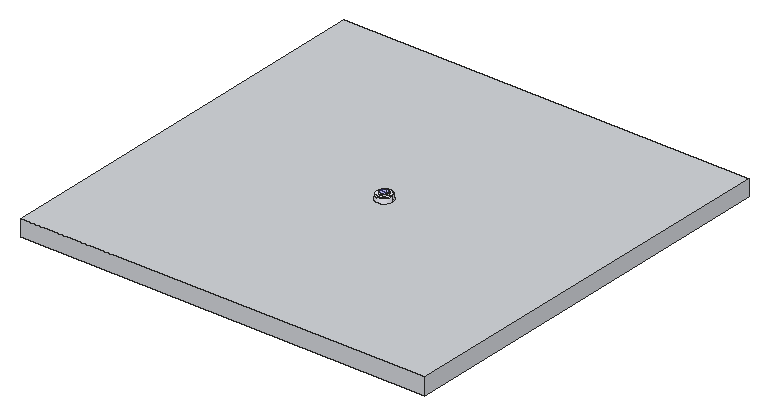
Revit family "BEG-92153", category Dispositifs d'éclairage, Revit 2015
Parameters
  Detection zone [instance] = yes
  Seat area [instance] = height position < 301 cm  # yes
  URL = "http://www.luxomat.com/en-92153"
  Type of output = "DIM (50 ballasts max)"
  Ambiant temperature = "-25°C to +50°C"
  Ref = "92153"
  Relay = "10A"
  height position [instance] = 250 cm
  direct Range [instance] = height position * 2.4  # 600 cm
  transversal Range [instance] = height position * 4  # 1000 cm
  Modèle = "PD2/M-DIM/SM"
  Installation type = "Ceiling"
  Brand = "LUXOMAT"
  Image du type = 92153.jpg
  IP = "20"
  Mounting height max = Installation height max  # 300 cm
  Installation height max = 300 cm
  Fabricant = "B.E.G"
  Label [instance] = yes
  Default Elevation = 0 cm
  Consumption = "0,44W"
  Commentaires du type = "Occupancy detector PD2/M-DIM/SM"
  Code d'assemblage = "D5010200"
  Class = "2"
  Switching power LED = "300W"
  Switching power Cos ɸ =1 = "2300W"
  Switching power Cos ɸ =0.5 = "1150VA"
  Power voltage = "110-240 V AC"
  seated activity [instance] = height position * 1.6  # 400 cm
Reference planes (cm)
  plane 1 "Centre (avant/arrière)": y = 0
  plane 2: z = 0
  plane 3 "Centre (gauche/droite)": x = 0
Forms (cm)
  Extrusion 1, solid
    sketch origin (0, 0, 0) x (1, 0, 0) y (0, 1, 0)
      loop
        line (-121.92, 121.92) -> (-121.92, -121.92) -> (121.92, -121.92) -> (121.92, 121.92) -> (-121.92, 121.92)
    from 0 to -10
Dimensions and locks (cm)
  aligned and locked: plane 2 to Extrusion 1
  aligned and locked: level to Extrusion 1
  aligned and locked: nested 2 to plane 2
Nested families (cm)
  nested 1: "Famille1" at (0, -72.6659, 0) x (-1, 0, 0) z (0, 0, 1), reference <- "Ref", modele <- "Modèle", visible <- "Label", type "Famille1"
    with reference "92153", modele "PD2/M-DIM/SM"
  nested 2: "M8" at (0, 0, 0), type "Standard"
  nested 3: "zone G" at (0, 0, 0) x (-1, 0, 0) z (0, 0, 1), visible <- "Detection zone", activité assise <- "seated activity", biais <- "transversal Range", frontal <- "direct Range", Zone assise <- "Seat area", type "zone G"
    with position 2 240 cm, position 1 400 cm, frontal 600 cm, biais 1000 cm, activité assise 400 cm, Zone assise yes
  nested 4: "Plafond 360° 2D" at (0, 0, 0), type "Plafond 360° 2D"
Connectors (cm)
  electrical at (0, 0, 0)
    settings: on nested 2, index 1, voltage 240 V, apparent load 0 VA, apparent load phase1 0 VA, apparent load phase2 0 VA, apparent load phase3 0 VA, power factor 1, load classification "Eclairage", number of poles 1, system type 31, power factor state 1, is connector primary yes, connector utility no, sub classification motor no, connector description ""
Definition of nested family "M8"
  Reference planes (cm)
    plane 1 "Centre (avant/arrière)": y = 0
    plane 2: z = 0
    plane 3 "Centre (gauche/droite)": x = 0
    plane 4: y = 0
  Forms (cm)
    Revolve 1, solid
      sketch origin (0, 0, 0) x (-1, 0, 0) y (0, 0, 1)
        loop
          line (0, 0) -> (0, 3.6) -> (-2.45, 3.6) -> (-2.6598, 3.35) -> (-2.6598, 3.1) -> (-4.3661, 2.8) -> (-4.69, 2.4) -> (-4.9, 0) -> (0, 0)
        axis (0, 0) -> (0, 3.6)
      angle from 0 to 360
    Revolve 2, solid
      sketch origin (0, 0, 0) x (-1, 0, 0) y (0, 0, 1)
        loop
          line (0, 3.6) -> (0, 5)
          arc (0, 5) -> (-1.3892, 4.6244) -> (-2.4, 3.6) r 2.7571
          line (-2.4, 3.6) -> (0, 3.6)
        axis (0, 3.6) -> (0, 5)
      angle from 0 to 360
  Lines and regions (cm)
    reference lines
      curve 1: line (0, 0, 0) -> (0, 0, 5)
      curve 2: line (2.45, 0, 3.6) -> (0, 0, 3.6)
      curve 3: line (2.6598, 0, 3.35) -> (2.45, 0, 3.6)
      curve 4: line (2.6598, 0, 3.35) -> (2.6598, 0, 3.1)
      curve 5: line (4.3661, 0, 2.8) -> (2.6598, 0, 3.1)
      curve 6: line (4.69, 0, 2.4) -> (4.3661, 0, 2.8)
      curve 7: line (4.9, 0, 0) -> (4.69, 0, 2.4)
      curve 8: line (0, 0, 0) -> (4.9, 0, 0)
      curve 9: line (0, 0, 5) -> (0, 0, 3.6)
      curve 10: arc (0, 0, 5) -> (1.3892, 0, 4.6244) -> (2.4, 0, 3.6) r 2.7571
      curve 11: line (0, 0, 3.6) -> (2.4, 0, 3.6)
      curve 12: line (0, 0, 0) -> (0, 0, 5)
  Dimensions and locks (cm)
    aligned and locked: level to plane 2
    aligned and locked: Revolve 1 sketch curve to curve 1  (x2)
    aligned and locked: Revolve 1 sketch curve to curve 2
    aligned and locked: Revolve 1 sketch curve to curve 3
    aligned and locked: Revolve 1 sketch curve to curve 4
    aligned and locked: Revolve 1 sketch curve to curve 5
    aligned and locked: Revolve 1 sketch curve to curve 6
    aligned and locked: Revolve 1 sketch curve to curve 7
    aligned and locked: Revolve 1 sketch curve to curve 8
    aligned and locked: Revolve 2 sketch curve to curve 9
    aligned and locked: Revolve 2 sketch curve to curve 10
    aligned and locked: Revolve 2 sketch curve to curve 11
    aligned and locked: Revolve 2 sketch curve to curve 12
Definition of nested family "Famille1"
  Parameters (values of type "Famille1")
    reference [instance] = ""
    modele [instance] = ""
  Reference planes (cm)
    plane 1: y = 0
    plane 2: x = 0
  Text (cm)
    label "reference\n\nmodele" at (0.0074, 0.0451, 0), shows "reference", "modele"
Definition of nested family "zone G"
  Parameters (values of type "zone G")
    position 2 [instance] = (frontal / 2) * 0.8  # 240 cm
    position 1 [instance] = (biais / 2) * 0.8  # 400 cm
    frontal [instance] = 600 cm
    biais [instance] = 1000 cm
    activité assise [instance] = 400 cm
    Zone assise [instance] = yes
  Reference planes (cm)
    plane 1 "Centre (avant/arrière)": y = 0
    plane 2: z = 0
    plane 3 "Centre (gauche/droite)": x = 0
    plane 4: x = -400
    plane 5: y = -240
  Lines and regions (cm)
    detail lines, in view "Niveau de réf.", visible <- "Zone assise"
      curve 1: circle (0, 0, 0) r 200 normal (0, 0, 1)
      curve 4: spline (-105.2767, 3.2118, 0) -> (-104.9106, 3.0586, 0) -> (-103.8375, 2.9158, 0) -> (-102.1303, 2.7932, 0) -> (-99.9055, 2.6991, 0) -> (-97.3146, 2.6399, 0) -> (-94.5343, 2.6198, 0) -> (-91.7539, 2.6399, 0) -> (-89.163, 2.6991, 0) -> (-86.9382, 2.7932, 0) -> (-85.231, 2.9158, 0) -> (-84.1579, 3.0586, 0) -> (-83.7918, 3.2118, 0) -> (-84.1579, 3.365, 0) -> (-85.231, 3.5078, 0) -> (-86.9382, 3.6305, 0) -> (-89.163, 3.7245, 0) -> (-91.7539, 3.7837, 0) -> (-94.5343, 3.8039, 0) -> (-97.3146, 3.7837, 0) -> (-99.9055, 3.7245, 0) -> (-102.1303, 3.6305, 0) -> (-103.8375, 3.5078, 0) -> (-104.9106, 3.365, 0) -> (-105.2767, 3.2118, 0)
      curve 5: line (-105.2767, 3.2118, 0) -> (-103.7271, 3.5181, 0)
      curve 6: arc (-102.6495, -16.5888, 0) -> (-107.2915, -17.186, 0) -> (-111.6311, -18.9388, 0) r 18.3388
      curve 7: arc (-111.6311, -18.9388, 0) -> (-111.6982, -19.0046, 0) -> (-111.7229, -19.0953, 0) r 0.1799
      curve 8: arc (-102.4571, -17.1805, 0) -> (-106.7473, -17.5804, 0) -> (-110.8538, -18.8852, 0) r 20.1051
      curve 9: arc (-110.8538, -18.8852, 0) -> (-111.0396, -18.979, 0) -> (-111.2122, -19.0953, 0) r 1.6679
      curve 10: circle (-111.4676, -19.8292, 0) r 0.5096 normal (0, 0, 1)
      curve 11: arc (-110.898, -19.8292, 0) -> (-111.4676, -19.2597, 0) -> (-112.0372, -19.8292, 0) r 0.5696
      curve 12: arc (-110.838, -19.8292, 0) -> (-111.4676, -19.1997, 0) -> (-112.0972, -19.8292, 0) r 0.6296
      curve 13: arc (-86.4191, -16.5888, 0) -> (-81.7771, -17.186, 0) -> (-77.4374, -18.9388, 0) r 18.3388
      curve 14: arc (-77.4374, -18.9388, 0) -> (-77.3704, -19.0046, 0) -> (-77.3456, -19.0953, 0) r 0.1799
      curve 15: arc (-86.6114, -17.1805, 0) -> (-82.3212, -17.5804, 0) -> (-78.2147, -18.8852, 0) r 20.1051
      curve 16: arc (-78.2147, -18.8852, 0) -> (-78.0289, -18.979, 0) -> (-77.8563, -19.0953, 0) r 1.6679
      curve 17: circle (-77.6009, -19.8292, 0) r 0.5096 normal (0, 0, 1)
      curve 18: arc (-77.0314, -19.8292, 0) -> (-77.6009, -19.2597, 0) -> (-78.1705, -19.8292, 0) r 0.5696
      curve 19: arc (-76.9714, -19.8292, 0) -> (-77.6009, -19.1997, 0) -> (-78.2305, -19.8292, 0) r 0.6296
      curve 20: arc (-95.2593, -16.5888, 0) -> (-98.9871, -17.441, 0) -> (-102.5056, -18.9388, 0) r 21.5424
      curve 21: arc (-102.5056, -18.9388, 0) -> (-102.5726, -19.0046, 0) -> (-102.5974, -19.0953, 0) r 0.1799
      curve 22: arc (-95.2593, -17.1805, 0) -> (-98.5536, -17.8061, 0) -> (-101.7283, -18.8852, 0) r 23.9713
      curve 23: arc (-101.7283, -18.8852, 0) -> (-101.911, -18.9772, 0) -> (-102.081, -19.0909, 0) r 1.6679
      curve 24: arc (-95.0229, -17.1805, 0) -> (-98.2689, -17.8294, 0) -> (-101.4063, -18.8852, 0) r 26.0219
      curve 25: arc (-101.4063, -18.8852, 0) -> (-101.592, -18.979, 0) -> (-101.7647, -19.0953, 0) r 1.6679
      curve 26: circle (-102.181, -19.8292, 0) r 0.5096 normal (0, 0, 1)
      curve 27: arc (-101.6114, -19.8292, 0) -> (-102.181, -19.2597, 0) -> (-102.7506, -19.8292, 0) r 0.5696
      curve 28: arc (-101.5514, -19.8292, 0) -> (-102.181, -19.1997, 0) -> (-102.8106, -19.8292, 0) r 0.6296
      curve 29: arc (-93.8092, -16.5888, 0) -> (-90.0814, -17.441, 0) -> (-86.5629, -18.9388, 0) r 21.5424
      curve 30: arc (-86.5629, -18.9388, 0) -> (-86.4959, -19.0046, 0) -> (-86.4711, -19.0953, 0) r 0.1799
      curve 31: arc (-93.8092, -17.1805, 0) -> (-90.5149, -17.8061, 0) -> (-87.3402, -18.8852, 0) r 23.9713
      curve 32: arc (-87.3402, -18.8852, 0) -> (-87.1544, -18.979, 0) -> (-86.9818, -19.0953, 0) r 1.6679
      curve 33: arc (-94.0457, -17.1805, 0) -> (-90.7996, -17.8294, 0) -> (-87.6622, -18.8852, 0) r 26.0219
      curve 34: arc (-87.6622, -18.8852, 0) -> (-87.4765, -18.979, 0) -> (-87.3039, -19.0953, 0) r 1.6679
      curve 35: circle (-86.8875, -19.8292, 0) r 0.5096 normal (0, 0, 1)
      curve 36: arc (-86.3179, -19.8292, 0) -> (-86.8875, -19.2597, 0) -> (-87.4571, -19.8292, 0) r 0.5696
      curve 37: arc (-86.2579, -19.8292, 0) -> (-86.8875, -19.1997, 0) -> (-87.5171, -19.8292, 0) r 0.6296
      curve 38: arc (-103.0079, 8.8705, 0) -> (-101.8776, 5.8173, 0) -> (-98.8653, 4.5819, 0) r 4.0512
      curve 39: arc (-83.7186, 4.2269, 0) -> (-82.9538, 3.7817, 0) -> (-82.7946, 2.9112, 0) r 1.0582
      curve 40: arc (-82.7946, 2.9112, 0) -> (-84.0889, -6.227, 0) -> (-84.0703, -15.4564, 0) r 64.7189
      curve 41: arc (-84.0703, -15.4564, 0) -> (-83.933, -16.0031, 0) -> (-83.4527, -16.2981, 0) r 0.7467
      curve 42: arc (-83.4527, -16.2981, 0) -> (-80.3714, -16.8717, 0) -> (-77.238, -16.9405, 0) r 19.3577
      curve 43: arc (-77.238, -16.9405, 0) -> (-77.6363, -16.4391, 0) -> (-78.2461, -16.244, 0) r 1.1013
      curve 44: arc (-78.2461, -16.244, 0) -> (-80.4274, -15.8096, 0) -> (-82.5587, -15.1742, 0) r 23.8747
      curve 45: arc (-82.5587, -15.1742, 0) -> (-81.6045, -6.5488, 0) -> (-80.848, 2.0961, 0) r 379.1961
      curve 46: arc (-80.848, 2.0961, 0) -> (-81.0708, 4.8418, 0) -> (-83.0581, 6.7494, 0) r 3.8846
      curve 47: arc (-83.0581, 6.7494, 0) -> (-89.2141, 8.8147, 0) -> (-95.6542, 9.6431, 0) r 33.2193
      curve 48: arc (-95.6542, 9.6431, 0) -> (-94.8516, 17.305, 0) -> (-94.8609, 25.0089, 0) r 72.9952
      curve 49: arc (-95.1116, 28.28, 0) -> (-95.2196, 29.2958, 0) -> (-95.3418, 30.31, 0) r 72.9952
      curve 50: arc (-98.1747, 30.0752, 0) -> (-100.3426, 29.2913, 0) -> (-99.4886, 27.1501, 0) r 1.6042
      curve 51: arc (-95.3418, 30.31, 0) -> (-98.7298, 32.2574, 0) -> (-102.1179, 30.31, 0) r 3.9209
      curve 52: arc (-68.8418, 20.3177, 0) -> (-68.8537, 20.2265, 0) -> (-68.9411, 20.2549, 0) r 0.0597
      curve 53: arc (-70.9776, 20.5408, 0) -> (-70.9496, 20.3832, 0) -> (-71.1082, 20.3621, 0) r 0.1108
      curve 54: spline (-98.8908, 41.6409, 0) -> (-97.9793, 41.5103, 0) -> (-97.1229, 41.0855, 0) -> (-96.38, 40.3954, 0) -> (-95.8012, 39.4871, 0) -> (-95.426, 38.4224, 0) -> (-95.2799, 37.274, 0) -> (-95.3728, 36.12, 0) -> (-95.6985, 35.0392, 0) -> (-96.2348, 34.1051, 0) -> (-96.945, 33.3815, 0) -> (-97.7809, 32.9176, 0) -> (-98.6854, 32.7451, 0) -> (-99.5969, 32.8757, 0) -> (-100.4532, 33.3005, 0) -> (-101.1961, 33.9906, 0) -> (-101.7749, 34.8989, 0) -> (-102.1502, 35.9636, 0) -> (-102.2963, 37.112, 0) -> (-102.2033, 38.266, 0) -> (-101.8776, 39.3468, 0) -> (-101.3414, 40.2809, 0) -> (-100.6311, 41.0045, 0) -> (-99.7953, 41.4684, 0) -> (-98.8908, 41.6409, 0)
      curve 55: line (-74.1608, -20.3388, 0) -> (-33.3759, -20.3388, 0)
      curve 56: line (-33.3759, -20.3388, 0) -> (-33.3759, 18.6681, 0)
      curve 57: line (-33.3759, 18.6681, 0) -> (-74.1608, 18.6681, 0)
      curve 58: line (-74.1608, 18.6681, 0) -> (-74.1608, -20.3388, 0)
      curve 59: line (-74.1608, -20.3388, 0) -> (-120.7181, -20.3388, 0)
      curve 60: line (-80.1025, 18.6681, 0) -> (-27.4342, 18.6681, 0)
      curve 61: line (-27.4342, 18.6681, 0) -> (-27.4342, 20.1345, 0)
      curve 62: line (-27.4342, 20.1345, 0) -> (-80.1025, 20.1345, 0)
      curve 63: line (-80.1025, 20.1345, 0) -> (-80.1025, 18.6681, 0)
      curve 64: line (-95.5223, 2.6198, 0) -> (-93.5462, 2.6198, 0)
      curve 65: line (-93.5462, 2.6198, 0) -> (-93.5462, -16.5888, 0)
      curve 66: line (-93.5462, -16.5888, 0) -> (-95.5223, -16.5888, 0)
      curve 67: line (-95.5223, -16.5888, 0) -> (-95.5223, 2.6198, 0)
      curve 68: line (-95.5223, -16.5888, 0) -> (-102.6495, -16.5888, 0)
      curve 69: line (-111.7229, -19.0953, 0) -> (-111.2122, -19.0953, 0)
      curve 70: line (-93.8092, -16.5888, 0) -> (-94.0457, -17.1805, 0)
      curve 71: line (-94.0457, -17.1805, 0) -> (-93.8092, -17.1805, 0)
      curve 72: line (-93.8092, -17.1805, 0) -> (-94.5343, -17.1805, 0)
      curve 73: line (-94.5343, -17.1805, 0) -> (-95.2593, -17.1805, 0)
      curve 74: line (-95.2593, -17.1805, 0) -> (-95.0229, -17.1805, 0)
      curve 75: line (-95.0229, -17.1805, 0) -> (-95.2593, -16.5888, 0)
      curve 76: line (-98.1226, -17.1805, 0) -> (-102.4571, -17.1805, 0)
      curve 77: line (-112.0372, -19.8292, 0) -> (-112.0972, -19.8292, 0)
      curve 78: line (-110.898, -19.8292, 0) -> (-110.838, -19.8292, 0)
      curve 79: line (-111.3676, -19.2076, 0) -> (-111.3676, -19.0953, 0)
      curve 80: line (-111.5676, -19.2076, 0) -> (-111.5676, -19.0953, 0)
      curve 81: line (-93.5462, -16.5888, 0) -> (-86.4191, -16.5888, 0)
      curve 82: line (-77.3456, -19.0953, 0) -> (-77.8563, -19.0953, 0)
      curve 83: line (-90.9459, -17.1805, 0) -> (-86.6114, -17.1805, 0)
      curve 84: line (-77.0314, -19.8292, 0) -> (-76.9714, -19.8292, 0)
      curve 85: line (-78.1705, -19.8292, 0) -> (-78.2305, -19.8292, 0)
      curve 86: line (-77.7009, -19.2076, 0) -> (-77.7009, -19.0953, 0)
      curve 87: line (-77.5009, -19.2076, 0) -> (-77.5009, -19.0953, 0)
      curve 88: line (-102.5974, -19.0953, 0) -> (-101.7647, -19.0953, 0)
      curve 89: line (-102.7506, -19.8292, 0) -> (-102.8106, -19.8292, 0)
      curve 90: line (-101.6114, -19.8292, 0) -> (-101.5514, -19.8292, 0)
      curve 91: line (-102.081, -19.2076, 0) -> (-102.081, -19.0909, 0)
      curve 92: line (-102.281, -19.2076, 0) -> (-102.281, -19.0953, 0)
      curve 93: line (-86.4711, -19.0953, 0) -> (-87.3039, -19.0953, 0)
      curve 94: line (-86.3179, -19.8292, 0) -> (-86.2579, -19.8292, 0)
      curve 95: line (-87.4571, -19.8292, 0) -> (-87.5171, -19.8292, 0)
      curve 96: line (-86.9875, -19.2076, 0) -> (-86.9875, -19.0953, 0)
      curve 97: line (-86.7875, -19.2076, 0) -> (-86.7875, -19.0953, 0)
      curve 98: line (-98.8653, 4.5819, 0) -> (-83.7186, 4.2269, 0)
      curve 99: line (-103.0079, 8.8705, 0) -> (-102.1179, 30.31, 0)
      curve 100: line (-98.1747, 30.0752, 0) -> (-85.3255, 22.5448, 0)
      curve 101: line (-85.3255, 22.5448, 0) -> (-74.2929, 21.667, 0)
      curve 102: line (-74.2929, 21.667, 0) -> (-71.6033, 21.7219, 0)
      curve 103: line (-71.6033, 21.7219, 0) -> (-69.7371, 21.2829, 0)
      curve 104: line (-69.7371, 21.2829, 0) -> (-68.8418, 20.3177, 0)
      curve 105: line (-68.9411, 20.2549, 0) -> (-69.7808, 21.0896, 0)
      curve 106: line (-69.7808, 21.0896, 0) -> (-71.6115, 21.2989, 0)
      curve 107: line (-71.6115, 21.2989, 0) -> (-72.0159, 21.0248, 0)
      curve 108: line (-72.0159, 21.0248, 0) -> (-70.9776, 20.5408, 0)
      curve 109: line (-71.1082, 20.3621, 0) -> (-72.6656, 20.8949, 0)
      curve 110: line (-72.6656, 20.8949, 0) -> (-74.496, 20.6558, 0)
      curve 111: line (-74.496, 20.6558, 0) -> (-86.0144, 20.9158, 0)
      curve 112: line (-86.0144, 20.9158, 0) -> (-99.4886, 27.1501, 0)
      curve 113: line (-99.8644, 32.9741, 0) -> (-99.9944, 32.0479, 0)
      curve 114: line (-97.5142, 33.0301, 0) -> (-97.3718, 32.0147, 0)
      curve 115: line (-33.3759, -20.3388, 0) -> (-21.8014, -20.3388, 0)
    detail lines, in view "Niveau de réf."
      curve 2: circle (0, 0, 0) r 300 normal (0, 0, 1)
      curve 3: circle (0, 0, 0) r 500 normal (0, 0, 1)
      curve 116: spline (2.3068, -267.7265, 0) -> (4.0856, -267.3949, 0) -> (5.7432, -266.4226, 0) -> (7.1667, -264.876, 0) -> (8.2589, -262.8603, 0) -> (8.9455, -260.5131, 0) -> (9.1797, -257.9942, 0) -> (8.9455, -255.4753, 0) -> (8.2589, -253.1281, 0) -> (7.1667, -251.1125, 0) -> (5.7432, -249.5658, 0) -> (4.0856, -248.5936, 0) -> (2.3068, -248.262, 0) -> (0.5279, -248.5936, 0) -> (-1.1297, -249.5658, 0) -> (-2.5531, -251.1125, 0) -> (-3.6453, -253.1281, 0) -> (-4.3319, -255.4753, 0) -> (-4.5661, -257.9942, 0) -> (-4.3319, -260.5131, 0) -> (-3.6453, -262.8603, 0) -> (-2.5531, -264.876, 0) -> (-1.1297, -266.4226, 0) -> (0.5279, -267.3949, 0) -> (2.3068, -267.7265, 0)
      curve 117: line (-4.7649, -255.0929, 0) -> (0.5136, -267.9212, 0)
      curve 118: line (3.5648, -268.0775, 0) -> (9.2455, -254.5266, 0)
      curve 119: line (-0.3759, -248.4588, 0) -> (-3.0011, -250.8806, 0)
      curve 120: line (3.5053, -268.5045, 0) -> (6.62, -268.3756, 0)
      curve 121: line (1.7304, -268.3525, 0) -> (3.5053, -268.5045, 0)
      curve 122: line (-4.7649, -255.0929, 0) -> (0.5136, -267.9212, 0)
      curve 123: line (-21.1936, -255.3894, 0) -> (-24.4202, -257.3623, 0)
      curve 124: line (-21.1936, -255.3894, 0) -> (-24.4202, -257.3623, 0)
      curve 125: line (-0.3759, -248.4588, 0) -> (-3.0011, -250.8806, 0)
      curve 126: line (1.7304, -268.3525, 0) -> (6.62, -268.3756, 0)
      curve 127: line (3.5648, -268.0775, 0) -> (9.2455, -254.5266, 0)
      curve 128: line (0, -240, 0) -> (0, -209.0788, 0)
      curve 129: line (0, -209.0788, 0) -> (0, -200.7814, 0)
      curve 130: spline (-397.6932, -27.7265, 0) -> (-395.9144, -27.3949, 0) -> (-394.2568, -26.4226, 0) -> (-392.8333, -24.876, 0) -> (-391.7411, -22.8603, 0) -> (-391.0545, -20.5131, 0) -> (-390.8203, -17.9942, 0) -> (-391.0545, -15.4753, 0) -> (-391.7411, -13.1281, 0) -> (-392.8333, -11.1125, 0) -> (-394.2568, -9.5658, 0) -> (-395.9144, -8.5936, 0) -> (-397.6932, -8.262, 0) -> (-399.4721, -8.5936, 0) -> (-401.1297, -9.5658, 0) -> (-402.5531, -11.1125, 0) -> (-403.6453, -13.1281, 0) -> (-404.3319, -15.4753, 0) -> (-404.5661, -17.9942, 0) -> (-404.3319, -20.5131, 0) -> (-403.6453, -22.8603, 0) -> (-402.5531, -24.876, 0) -> (-401.1297, -26.4226, 0) -> (-399.4721, -27.3949, 0) -> (-397.6932, -27.7265, 0)
      curve 131: line (-404.7649, -15.0929, 0) -> (-399.4864, -27.9212, 0)
      curve 132: line (-396.4352, -28.0775, 0) -> (-390.7545, -14.5266, 0)
      curve 133: line (-400.3759, -8.4588, 0) -> (-403.0011, -10.8806, 0)
      curve 134: line (-396.4947, -28.5045, 0) -> (-393.38, -28.3756, 0)
      curve 135: line (-398.2696, -28.3525, 0) -> (-396.4947, -28.5045, 0)
      curve 136: line (-404.7649, -15.0929, 0) -> (-399.4864, -27.9212, 0)
      curve 137: line (-421.1936, -15.3894, 0) -> (-424.4202, -17.3623, 0)
      curve 138: line (-421.1936, -15.3894, 0) -> (-424.4202, -17.3623, 0)
      curve 139: line (-400.3759, -8.4588, 0) -> (-403.0011, -10.8806, 0)
      curve 140: line (-398.2696, -28.3525, 0) -> (-393.38, -28.3756, 0)
      curve 141: line (-396.4352, -28.0775, 0) -> (-390.7545, -14.5266, 0)
      curve 142: line (-400, 0, 0) -> (-400, 30.9212, 0)
      curve 143: line (-400, 30.9212, 0) -> (-400, 39.2186, 0)
    detail lines, in view "Niveau de réf.", visible <- "Zone assise", not visible
      curve 144: spline (925.976, -22.5654, 0) -> (926.342, -22.7186, 0) -> (927.4152, -22.8614, 0) -> (929.1224, -22.984, 0) -> (931.3472, -23.0781, 0) -> (933.938, -23.1373, 0) -> (936.7184, -23.1574, 0) -> (939.4987, -23.1373, 0) -> (942.0896, -23.0781, 0) -> (944.3144, -22.984, 0) -> (946.0216, -22.8614, 0) -> (947.0948, -22.7186, 0) -> (947.4608, -22.5654, 0) -> (947.0948, -22.4122, 0) -> (946.0216, -22.2694, 0) -> (944.3144, -22.1467, 0) -> (942.0896, -22.0527, 0) -> (939.4987, -21.9935, 0) -> (936.7184, -21.9733, 0) -> (933.938, -21.9935, 0) -> (931.3472, -22.0527, 0) -> (929.1224, -22.1467, 0) -> (927.4152, -22.2694, 0) -> (926.342, -22.4122, 0) -> (925.976, -22.5654, 0)
      curve 145: line (925.976, -22.5654, 0) -> (927.5256, -22.2591, 0)
      curve 146: arc (928.6032, -42.366, 0) -> (923.9612, -42.9632, 0) -> (919.6215, -44.716, 0) r 18.3388
      curve 147: arc (919.6215, -44.716, 0) -> (919.5545, -44.7818, 0) -> (919.5297, -44.8725, 0) r 0.1799
      curve 148: arc (928.7956, -42.9577, 0) -> (924.5053, -43.3576, 0) -> (920.3988, -44.6624, 0) r 20.1051
      curve 149: arc (920.3988, -44.6624, 0) -> (920.213, -44.7562, 0) -> (920.0404, -44.8725, 0) r 1.6679
      curve 150: circle (919.7851, -45.6065, 0) r 0.5096 normal (0, 0, 1)
      curve 151: arc (920.3547, -45.6065, 0) -> (919.7851, -45.0369, 0) -> (919.2155, -45.6065, 0) r 0.5696
      curve 152: arc (920.4147, -45.6065, 0) -> (919.7851, -44.9769, 0) -> (919.1555, -45.6065, 0) r 0.6296
      curve 153: arc (944.8336, -42.366, 0) -> (949.4756, -42.9632, 0) -> (953.8152, -44.716, 0) r 18.3388
      curve 154: arc (953.8152, -44.716, 0) -> (953.8823, -44.7818, 0) -> (953.907, -44.8725, 0) r 0.1799
      curve 155: arc (944.6412, -42.9577, 0) -> (948.9315, -43.3576, 0) -> (953.038, -44.6624, 0) r 20.1051
      curve 156: arc (953.038, -44.6624, 0) -> (953.2237, -44.7562, 0) -> (953.3964, -44.8725, 0) r 1.6679
      curve 157: circle (953.6517, -45.6065, 0) r 0.5096 normal (0, 0, 1)
      curve 158: arc (954.2213, -45.6065, 0) -> (953.6517, -45.0369, 0) -> (953.0821, -45.6065, 0) r 0.5696
      curve 159: arc (954.2813, -45.6065, 0) -> (953.6517, -44.9769, 0) -> (953.0221, -45.6065, 0) r 0.6296
      curve 160: arc (935.9933, -42.366, 0) -> (932.2655, -43.2182, 0) -> (928.7471, -44.716, 0) r 21.5424
      curve 161: arc (928.7471, -44.716, 0) -> (928.68, -44.7818, 0) -> (928.6553, -44.8725, 0) r 0.1799
      curve 162: arc (935.9933, -42.9577, 0) -> (932.6991, -43.5833, 0) -> (929.5243, -44.6624, 0) r 23.9713
      curve 163: arc (929.5243, -44.6624, 0) -> (929.3417, -44.7544, 0) -> (929.1716, -44.8681, 0) r 1.6679
      curve 164: arc (936.2298, -42.9577, 0) -> (932.9838, -43.6066, 0) -> (929.8464, -44.6624, 0) r 26.0219
      curve 165: arc (929.8464, -44.6624, 0) -> (929.6606, -44.7562, 0) -> (929.488, -44.8725, 0) r 1.6679
      curve 166: circle (929.0716, -45.6065, 0) r 0.5096 normal (0, 0, 1)
      curve 167: arc (929.6412, -45.6065, 0) -> (929.0716, -45.0369, 0) -> (928.502, -45.6065, 0) r 0.5696
      curve 168: arc (929.7012, -45.6065, 0) -> (929.0716, -44.9769, 0) -> (928.442, -45.6065, 0) r 0.6296
      curve 169: arc (937.4435, -42.366, 0) -> (941.1713, -43.2182, 0) -> (944.6897, -44.716, 0) r 21.5424
      curve 170: arc (944.6897, -44.716, 0) -> (944.7568, -44.7818, 0) -> (944.7815, -44.8725, 0) r 0.1799
      curve 171: arc (937.4435, -42.9577, 0) -> (940.7377, -43.5833, 0) -> (943.9124, -44.6624, 0) r 23.9713
      curve 172: arc (943.9124, -44.6624, 0) -> (944.0982, -44.7562, 0) -> (944.2708, -44.8725, 0) r 1.6679
      curve 173: arc (937.207, -42.9577, 0) -> (940.453, -43.6066, 0) -> (943.5904, -44.6624, 0) r 26.0219
      curve 174: arc (943.5904, -44.6624, 0) -> (943.7762, -44.7562, 0) -> (943.9488, -44.8725, 0) r 1.6679
      curve 175: circle (944.3651, -45.6065, 0) r 0.5096 normal (0, 0, 1)
      curve 176: arc (944.9347, -45.6065, 0) -> (944.3651, -45.0369, 0) -> (943.7956, -45.6065, 0) r 0.5696
      curve 177: arc (944.9947, -45.6065, 0) -> (944.3651, -44.9769, 0) -> (943.7356, -45.6065, 0) r 0.6296
      curve 178: arc (928.2447, -16.9067, 0) -> (929.3751, -19.9599, 0) -> (932.3873, -21.1953, 0) r 4.0512
      curve 179: arc (947.5341, -21.5503, 0) -> (948.2989, -21.9955, 0) -> (948.4581, -22.866, 0) r 1.0582
      curve 180: arc (948.4581, -22.866, 0) -> (947.1637, -32.0042, 0) -> (947.1824, -41.2336, 0) r 64.7189
      curve 181: arc (947.1824, -41.2336, 0) -> (947.3196, -41.7803, 0) -> (947.8, -42.0753, 0) r 0.7467
      curve 182: arc (947.8, -42.0753, 0) -> (950.8812, -42.6489, 0) -> (954.0146, -42.7177, 0) r 19.3577
      curve 183: arc (954.0146, -42.7177, 0) -> (953.6164, -42.2163, 0) -> (953.0065, -42.0212, 0) r 1.1013
      curve 184: arc (953.0065, -42.0212, 0) -> (950.8253, -41.5868, 0) -> (948.6939, -40.9514, 0) r 23.8747
      curve 185: arc (948.6939, -40.9514, 0) -> (949.6481, -32.326, 0) -> (950.4047, -23.6811, 0) r 379.1961
      curve 186: arc (950.4047, -23.6811, 0) -> (950.1819, -20.9354, 0) -> (948.1945, -19.0278, 0) r 3.8846
      curve 187: arc (948.1945, -19.0278, 0) -> (942.0386, -16.9625, 0) -> (935.5985, -16.1341, 0) r 33.2193
      curve 188: arc (935.5985, -16.1341, 0) -> (936.4011, -8.4722, 0) -> (936.3918, -0.7683, 0) r 72.9952
      curve 189: arc (936.1411, 2.5028, 0) -> (936.0331, 3.5186, 0) -> (935.9108, 4.5328, 0) r 72.9952
      curve 190: arc (933.0779, 4.298, 0) -> (930.9101, 3.5141, 0) -> (931.7641, 1.3729, 0) r 1.6042
      curve 191: arc (935.9108, 4.5328, 0) -> (932.5228, 6.4802, 0) -> (929.1348, 4.5328, 0) r 3.9209
      curve 192: arc (962.4108, -5.4595, 0) -> (962.3989, -5.5507, 0) -> (962.3115, -5.5223, 0) r 0.0597
      curve 193: arc (960.275, -5.2364, 0) -> (960.303, -5.394, 0) -> (960.1444, -5.4151, 0) r 0.1108
      curve 194: spline (932.3619, 15.8637, 0) -> (933.2734, 15.7331, 0) -> (934.1297, 15.3083, 0) -> (934.8726, 14.6182, 0) -> (935.4514, 13.7099, 0) -> (935.8267, 12.6452, 0) -> (935.9728, 11.4968, 0) -> (935.8798, 10.3428, 0) -> (935.5541, 9.262, 0) -> (935.0179, 8.3279, 0) -> (934.3076, 7.6043, 0) -> (933.4718, 7.1404, 0) -> (932.5673, 6.9679, 0) -> (931.6558, 7.0985, 0) -> (930.7994, 7.5233, 0) -> (930.0565, 8.2134, 0) -> (929.4777, 9.1217, 0) -> (929.1025, 10.1864, 0) -> (928.9564, 11.3348, 0) -> (929.0493, 12.4888, 0) -> (929.375, 13.5696, 0) -> (929.9113, 14.5037, 0) -> (930.6215, 15.2273, 0) -> (931.4574, 15.6912, 0) -> (932.3619, 15.8637, 0)
      curve 195: line (957.0918, -46.116, 0) -> (997.8768, -46.116, 0)
      curve 196: line (997.8768, -46.116, 0) -> (997.8768, -7.1091, 0)
      curve 197: line (997.8768, -7.1091, 0) -> (957.0918, -7.1091, 0)
      curve 198: line (957.0918, -7.1091, 0) -> (957.0918, -46.116, 0)
      curve 199: line (957.0918, -46.116, 0) -> (910.5345, -46.116, 0)
      curve 200: line (951.1501, -7.1091, 0) -> (1003.8185, -7.1091, 0)
      curve 201: line (1003.8185, -7.1091, 0) -> (1003.8185, -5.6427, 0)
      curve 202: line (1003.8185, -5.6427, 0) -> (951.1501, -5.6427, 0)
      curve 203: line (951.1501, -5.6427, 0) -> (951.1501, -7.1091, 0)
      curve 204: line (935.7304, -23.1574, 0) -> (937.7064, -23.1574, 0)
      curve 205: line (937.7064, -23.1574, 0) -> (937.7064, -42.366, 0)
      curve 206: line (937.7064, -42.366, 0) -> (935.7304, -42.366, 0)
      curve 207: line (935.7304, -42.366, 0) -> (935.7304, -23.1574, 0)
      curve 208: line (935.7304, -42.366, 0) -> (928.6032, -42.366, 0)
      curve 209: line (919.5297, -44.8725, 0) -> (920.0404, -44.8725, 0)
      curve 210: line (937.4435, -42.366, 0) -> (937.207, -42.9577, 0)
      curve 211: line (937.207, -42.9577, 0) -> (937.4435, -42.9577, 0)
      curve 212: line (937.4435, -42.9577, 0) -> (936.7184, -42.9577, 0)
      curve 213: line (936.7184, -42.9577, 0) -> (935.9933, -42.9577, 0)
      curve 214: line (935.9933, -42.9577, 0) -> (936.2298, -42.9577, 0)
      curve 215: line (936.2298, -42.9577, 0) -> (935.9933, -42.366, 0)
      curve 216: line (933.13, -42.9577, 0) -> (928.7956, -42.9577, 0)
      curve 217: line (919.2155, -45.6065, 0) -> (919.1555, -45.6065, 0)
      curve 218: line (920.3547, -45.6065, 0) -> (920.4147, -45.6065, 0)
      curve 219: line (919.8851, -44.9848, 0) -> (919.8851, -44.8725, 0)
      curve 220: line (919.6851, -44.9848, 0) -> (919.6851, -44.8725, 0)
      curve 221: line (937.7064, -42.366, 0) -> (944.8336, -42.366, 0)
      curve 222: line (953.907, -44.8725, 0) -> (953.3964, -44.8725, 0)
      curve 223: line (940.3068, -42.9577, 0) -> (944.6412, -42.9577, 0)
      curve 224: line (954.2213, -45.6065, 0) -> (954.2813, -45.6065, 0)
      curve 225: line (953.0821, -45.6065, 0) -> (953.0221, -45.6065, 0)
      curve 226: line (953.5517, -44.9848, 0) -> (953.5517, -44.8725, 0)
      curve 227: line (953.7517, -44.9848, 0) -> (953.7517, -44.8725, 0)
      curve 228: line (928.6553, -44.8725, 0) -> (929.488, -44.8725, 0)
      curve 229: line (928.502, -45.6065, 0) -> (928.442, -45.6065, 0)
      curve 230: line (929.6412, -45.6065, 0) -> (929.7012, -45.6065, 0)
      curve 231: line (929.1716, -44.9848, 0) -> (929.1716, -44.8681, 0)
      curve 232: line (928.9716, -44.9848, 0) -> (928.9716, -44.8725, 0)
      curve 233: line (944.7815, -44.8725, 0) -> (943.9488, -44.8725, 0)
      curve 234: line (944.9347, -45.6065, 0) -> (944.9947, -45.6065, 0)
      curve 235: line (943.7956, -45.6065, 0) -> (943.7356, -45.6065, 0)
      curve 236: line (944.2651, -44.9848, 0) -> (944.2651, -44.8725, 0)
      curve 237: line (944.4651, -44.9848, 0) -> (944.4651, -44.8725, 0)
      curve 238: line (932.3873, -21.1953, 0) -> (947.5341, -21.5503, 0)
      curve 239: line (928.2447, -16.9067, 0) -> (929.1348, 4.5328, 0)
      curve 240: line (933.0779, 4.298, 0) -> (945.9271, -3.2324, 0)
      curve 241: line (945.9271, -3.2324, 0) -> (956.9598, -4.1102, 0)
      curve 242: line (956.9598, -4.1102, 0) -> (959.6493, -4.0553, 0)
      curve 243: line (959.6493, -4.0553, 0) -> (961.5155, -4.4943, 0)
      curve 244: line (961.5155, -4.4943, 0) -> (962.4108, -5.4595, 0)
      curve 245: line (962.3115, -5.5223, 0) -> (961.4719, -4.6876, 0)
      curve 246: line (961.4719, -4.6876, 0) -> (959.6412, -4.4783, 0)
      curve 247: line (959.6412, -4.4783, 0) -> (959.2367, -4.7524, 0)
      curve 248: line (959.2367, -4.7524, 0) -> (960.275, -5.2364, 0)
      curve 249: line (960.1444, -5.4151, 0) -> (958.5871, -4.8823, 0)
      curve 250: line (958.5871, -4.8823, 0) -> (956.7566, -5.1214, 0)
      curve 251: line (956.7566, -5.1214, 0) -> (945.2383, -4.8614, 0)
      curve 252: line (945.2383, -4.8614, 0) -> (931.7641, 1.3729, 0)
      curve 253: line (931.3882, 7.1969, 0) -> (931.2583, 6.2707, 0)
      curve 254: line (933.7384, 7.2529, 0) -> (933.8809, 6.2375, 0)
      curve 255: line (997.8768, -46.116, 0) -> (1009.4512, -46.116, 0)
    detail lines, in view "Niveau de réf.", not visible
      curve 256: spline (630.3724, -48.277, 0) -> (632.1512, -47.9453, 0) -> (633.8088, -46.9731, 0) -> (635.2323, -45.4264, 0) -> (636.3245, -43.4108, 0) -> (637.0111, -41.0636, 0) -> (637.2453, -38.5447, 0) -> (637.0111, -36.0258, 0) -> (636.3245, -33.6786, 0) -> (635.2323, -31.663, 0) -> (633.8088, -30.1163, 0) -> (632.1512, -29.1441, 0) -> (630.3724, -28.8124, 0) -> (628.5935, -29.1441, 0) -> (626.9359, -30.1163, 0) -> (625.5125, -31.663, 0) -> (624.4202, -33.6786, 0) -> (623.7336, -36.0258, 0) -> (623.4995, -38.5447, 0) -> (623.7336, -41.0636, 0) -> (624.4202, -43.4108, 0) -> (625.5125, -45.4264, 0) -> (626.9359, -46.9731, 0) -> (628.5935, -47.9453, 0) -> (630.3724, -48.277, 0)
      curve 257: line (623.3007, -35.6434, 0) -> (628.5792, -48.4717, 0)
      curve 258: line (631.6303, -48.628, 0) -> (637.311, -35.0771, 0)
      curve 259: line (627.6897, -29.0093, 0) -> (625.0645, -31.4311, 0)
      curve 260: line (631.5709, -49.055, 0) -> (634.6856, -48.9261, 0)
      curve 261: line (629.7959, -48.903, 0) -> (631.5709, -49.055, 0)
      curve 262: line (623.3007, -35.6434, 0) -> (628.5792, -48.4717, 0)
      curve 263: line (606.872, -35.9399, 0) -> (603.6454, -37.9127, 0)
      curve 264: line (606.872, -35.9399, 0) -> (603.6454, -37.9127, 0)
      curve 265: line (627.6897, -29.0093, 0) -> (625.0645, -31.4311, 0)
      curve 266: line (629.7959, -48.903, 0) -> (634.6856, -48.9261, 0)
      curve 267: line (631.6303, -48.628, 0) -> (637.311, -35.0771, 0)
      curve 268: line (628.0656, -20.5505, 0) -> (628.0656, 10.3707, 0)
      curve 269: line (628.0656, 10.3707, 0) -> (628.0656, 18.6681, 0)
      curve 270: spline (1030.3724, -260.777, 0) -> (1032.1512, -260.4453, 0) -> (1033.8088, -259.4731, 0) -> (1035.2323, -257.9264, 0) -> (1036.3245, -255.9108, 0) -> (1037.0111, -253.5636, 0) -> (1037.2453, -251.0447, 0) -> (1037.0111, -248.5258, 0) -> (1036.3245, -246.1786, 0) -> (1035.2323, -244.163, 0) -> (1033.8088, -242.6163, 0) -> (1032.1512, -241.6441, 0) -> (1030.3724, -241.3124, 0) -> (1028.5935, -241.6441, 0) -> (1026.9359, -242.6163, 0) -> (1025.5125, -244.163, 0) -> (1024.4202, -246.1786, 0) -> (1023.7336, -248.5258, 0) -> (1023.4995, -251.0447, 0) -> (1023.7336, -253.5636, 0) -> (1024.4202, -255.9108, 0) -> (1025.5125, -257.9264, 0) -> (1026.9359, -259.4731, 0) -> (1028.5935, -260.4453, 0) -> (1030.3724, -260.777, 0)
      curve 271: line (1023.3007, -248.1434, 0) -> (1028.5792, -260.9717, 0)
      curve 272: line (1031.6303, -261.128, 0) -> (1037.311, -247.5771, 0)
      curve 273: line (1027.6897, -241.5093, 0) -> (1025.0645, -243.9311, 0)
      curve 274: line (1031.5709, -261.555, 0) -> (1034.6856, -261.4261, 0)
      curve 275: line (1029.7959, -261.403, 0) -> (1031.5709, -261.555, 0)
      curve 276: line (1023.3007, -248.1434, 0) -> (1028.5792, -260.9717, 0)
      curve 277: line (1006.872, -248.4399, 0) -> (1003.6454, -250.4127, 0)
      curve 278: line (1006.872, -248.4399, 0) -> (1003.6454, -250.4127, 0)
      curve 279: line (1027.6897, -241.5093, 0) -> (1025.0645, -243.9311, 0)
      curve 280: line (1029.7959, -261.403, 0) -> (1034.6856, -261.4261, 0)
      curve 281: line (1031.6303, -261.128, 0) -> (1037.311, -247.5771, 0)
      curve 282: line (1028.0656, -233.0505, 0) -> (1028.0656, -202.1293, 0)
      curve 283: line (1028.0656, -202.1293, 0) -> (1028.0656, -193.8319, 0)
  Text (cm)
    text "2" at (0.4332, -281.3743, 0), in view "Niveau de réf."
    text "1" at (-399.5668, -41.3743, 0), in view "Niveau de réf."
    text "1" at (628.4988, -61.9248, 0), in view "Niveau de réf.", not visible
    text "2" at (1028.4988, -274.4248, 0), in view "Niveau de réf.", not visible
  Dimensions and locks (cm)
    "position 1": plane 4 to plane 3 "Centre (gauche/droite)"
    "position 2": plane 5 to plane 1 "Centre (avant/arrière)"
    "activité assise": diameter of curve 1
    "biais": diameter of curve 3
    "frontal": diameter of curve 2
    aligned and locked: curve 142 to plane 1 "Centre (avant/arrière)"
    aligned and locked: curve 128 to plane 3 "Centre (gauche/droite)"
    aligned and locked: plane 4 to curve 142
    aligned and locked: plane 5 to curve 128
  Automatic sketch dimensions
    curve 1 to curve 2 = 0 cm  (x2)
    curve 1 to curve 3 = 0 cm  (x2)
    curve 2 to curve 3 = 0 cm  (x2)
    plane 1 "Centre (avant/arrière)" to curve 2 = 0 cm
    curve 2 to plane 3 "Centre (gauche/droite)" = 0 cm
Definition of nested family "Plafond 360° 2D"
  Reference planes (cm)
    plane 1: y = 0
    plane 2: x = 0
  Lines and regions (cm)
    Filled region 1, type "rouge"
      outline origin (0, 0, 0) x (1, 0, 0) y (0, 1, 0)
        loop
          circle (0, 0) r 0.0294
    detail lines
      curve 1: arc (-0.1732, 0.1, 0) -> (-0.2, 0, 0) -> (-0.1732, -0.1, 0) r 0.2
      curve 2: arc (-0.1, -0.1732, 0) -> (0, -0.2, 0) -> (0.1, -0.1732, 0) r 0.2
      curve 3: arc (0.1732, -0.1, 0) -> (0.2, 0, 0) -> (0.1732, 0.1, 0) r 0.2
      curve 4: arc (0.1, 0.1732, 0) -> (0, 0.2, 0) -> (-0.1, 0.1732, 0) r 0.2
      curve 5: arc (-0.1375, 0.0794, 0) -> (-0.1588, 0, 0) -> (-0.1375, -0.0794, 0) r 0.1588
      curve 6: arc (-0.0794, -0.1375, 0) -> (0, -0.1588, 0) -> (0.0794, -0.1375, 0) r 0.1588
      curve 7: arc (0.1375, -0.0794, 0) -> (0.1588, 0, 0) -> (0.1375, 0.0794, 0) r 0.1588
      curve 8: arc (0.0794, 0.1375, 0) -> (0, 0.1588, 0) -> (-0.0794, 0.1375, 0) r 0.1588
      curve 9: arc (-0.1019, 0.0588, 0) -> (-0.1176, 0, 0) -> (-0.1019, -0.0588, 0) r 0.1176
      curve 10: arc (-0.0588, -0.1019, 0) -> (0, -0.1176, 0) -> (0.0588, -0.1019, 0) r 0.1176
      curve 11: arc (0.1019, -0.0588, 0) -> (0.1176, 0, 0) -> (0.1019, 0.0588, 0) r 0.1176
      curve 12: arc (0.0588, 0.1019, 0) -> (0, 0.1176, 0) -> (-0.0588, 0.1019, 0) r 0.1176
      curve 13: arc (-0.0294, 0, 0) -> (0, -0.0294, 0) -> (0.0294, 0, 0) r 0.0294
      curve 14: arc (0.0294, 0, 0) -> (0, 0.0294, 0) -> (-0.0294, 0, 0) r 0.0294
